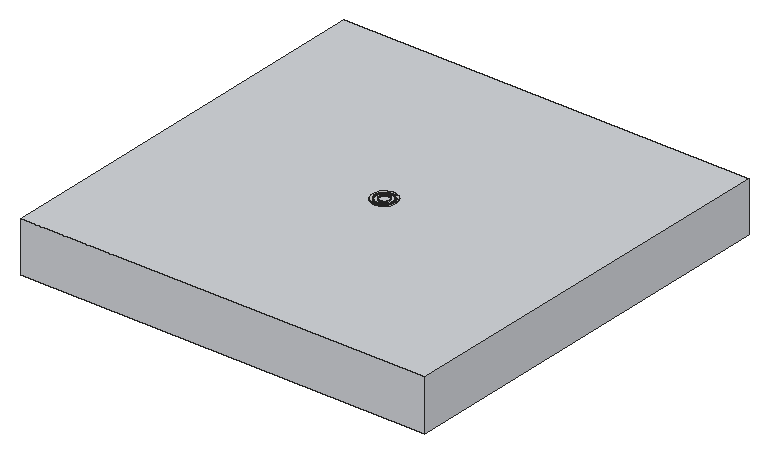
Revit family "LAMP_HANCE DOWNLIGHT RECESSED MEDIUM FLOOD 1000_2000", category Modelos genéricos, Revit 2015
Parameters (values of type "740LM 4000K 1000 BLACK")
  Weight = 0.72 kg
  Type = "COB PHILIPS"
  Tilting [instance] = if(Tilt < 0.00°, 180.00°, if(Tilt > 30.00°, 210.00°, Tilt + 180.00°))  # 180.00°
  Tilt [instance] = 0.00°
  Recessed diameter = 132 mm
  Protection rating = "IP20"
  Product datasheet = "http://www.lamp.es/product-files/TECH/HD1RE10MF840NBB-EN.pdf"
  Product code = "HD1RE10MF840NBB"
  Product URL = "https://www.lamp.es/en/family/hance-downlight_196363"
  Power Supply = "220-240V 50/60Hz"
  Power = 7 W
  Plum = 7.6 W
  Photometric web file = Cuerpo Hance BASE (tilting)_MF : 740LM 4000K 1000 BLACK
  Modelo = Product code  # "HD1RE10MF840NBB"
  Model explanation = "Availability of tilting between 0º and 30º when placed in a project."
  Material interior aro = LAMP_Aluminio Hance Negro
  Material aro = LAMP_Aluminio Hance Negro
  Manufacturer name = "LAMP"
  Manufacturer country = "Spain"
  Manufacturer URL = "http://www.lamp.es/en"
  MacAdam = "3"
  Luminaire type = "Indoor - Recessed downlight"
  Last update = "18/10/2019"
  Lamp = "COB LED"
  LED Lifetime = "50.000 L90 B10"
  Insulation class = "II"
  Installation instructions = "https://www.lamp.es/product-files/INS/1004410-B-INSTR.%20DE%20MONTAJE%20HANCE%20DOWNLIGHT.pdf"
  Initial intensity = 740 lm
  Initial color = 4000 K
  IEE = "A+"
  Gear = "Electronic"
  Finish = "Texturised black RAL 9011"
  Fabricante = Manufacturer name  # "LAMP"
  Default Elevation = 1219.2 mm
  Efficacy = 97.37 lm/W
  Diameter = 143 mm
  Descripción = "HANCE DOWN REC 1000 NW MFL BK."
  Decorative ring [instance] = Aro decorativo (tilting) : Black
  Comentarios de tipo = Model explanation  # "Availability of tilting between 0º and 30º when placed in a project."
  CRI = "80"
Types (8, lengths in mm): name | Product datasheet | Product code | Power | Plum | Photometric web file | Modelo | Material aro | LED Lifetime | Initial intensity | Initial color | Finish | Efficacy | Descripción
  740LM 4000K 1000 BLACK | "http://www.lamp.es/product-files/TECH/HD1RE10MF840NBB-EN.pdf" | "HD1RE10MF840NBB" | 7 W | 7.6 W | Cuerpo Hance BASE (tilting)_MF : 740LM 4000K 1000 BLACK | "HD1RE10MF840NBB" | LAMP_Aluminio Hance Negro | "50.000 L90 B10" | 740 lm | 4000 K | "Texturised black RAL 9011" | 97.37 lm/W | "HANCE DOWN REC 1000 NW MFL BK."
  740LM 4000K 1000 WHITE | "http://www.lamp.es/product-files/TECH/HD1RE10MF840NBW-EN.pdf" | "HD1RE10MF840NBW" | 7 W | 7.6 W | Cuerpo Hance BASE (tilting)_MF : 740LM 4000K 1000 WHITE | "HD1RE10MF840NBW" | LAMP_Aluminio Hance Blanco | "50.000 L90 B10" | 740 lm | 4000 K | "Texturised white RAL 9010" | 97.37 lm/W | "HANCE DOWN REC 1000 NW MFL WH."
  806LM 3000K 1000 BLACK | "http://www.lamp.es/product-files/TECH/HD1RE10MF830NBB-EN.pdf" | "HD1RE10MF830NBB" | 7 W | 7.7 W | Cuerpo Hance BASE (tilting)_MF : 806LM 3000K 1000 BLACK | "HD1RE10MF830NBB" | LAMP_Aluminio Hance Negro | "50.000 L90 B10" | 806 lm | 3000 K | "Texturised black RAL 9011" | 104.71 lm/W | "HANCE DOWN REC 1000 WW MFL BK."
  806LM 3000K 1000 WHITE | "http://www.lamp.es/product-files/TECH/HD1RE10MF830NBW-EN.pdf" | "HD1RE10MF830NBW" | 7 W | 7.7 W | Cuerpo Hance BASE (tilting)_MF : 806LM 3000K 1000 WHITE | "HD1RE10MF830NBW" | LAMP_Aluminio Hance Blanco | "50.000 L90 B10" | 806 lm | 3000 K | "Texturised white RAL 9010" | 104.71 lm/W | "HANCE DOWN REC 1000 WW MFL WH."
  1606LM 4000K 2000 BLACK | "http://www.lamp.es/product-files/TECH/HD1RE20MF840NBB-EN.pdf" | "HD1RE20MF840NBB" | 18 W | 20.6 W | Cuerpo Hance BASE (tilting)_MF : 1606LM 4000K 2000 BLACK | "HD1RE20MF840NBB" | LAMP_Aluminio Hance Negro | "50.000 L80 B10" | 1606 lm | 4000 K | "Texturised black RAL 9011" | 77.96 lm/W | "HANCE DOWN REC 2000 NW MFL BK."
  1606LM 4000K 2000 WHITE | "http://www.lamp.es/product-files/TECH/HD1RE20MF840NBW-EN.pdf" | "HD1RE20MF840NBW" | 18 W | 20.6 W | Cuerpo Hance BASE (tilting)_MF : 1606LM 4000K 2000 WHITE | "HD1RE20MF840NBW" | LAMP_Aluminio Hance Blanco | "50.000 L80 B10" | 1606 lm | 4000 K | "Texturised white RAL 9010" | 77.96 lm/W | "HANCE DOWN REC 2000 NW MFL WH."
  1760LM 3000K 2000 BLACK | "http://www.lamp.es/product-files/TECH/HD1RE20MF830NBB-EN.pdf" | "HD1RE20MF830NBB" | 18 W | 20.7 W | Cuerpo Hance BASE (tilting)_MF : 1760LM 3000K 2000 BLACK | "HD1RE20MF830NBB" | LAMP_Aluminio Hance Negro | "50.000 L80 B10" | 1760 lm | 3000 K | "Texturised black RAL 9011" | 85.01 lm/W | "HANCE DOWN REC 2000 WW MFL BK."
  1760LM 3000K 2000 WHITE | "http://www.lamp.es/product-files/TECH/HD1RE20MF830NBW-EN.pdf" | "HD1RE20MF830NBW" | 18 W | 20.7 W | Cuerpo Hance BASE (tilting)_MF : 1760LM 3000K 2000 WHITE | "HD1RE20MF830NBW" | LAMP_Aluminio Hance Blanco | "50.000 L80 B10" | 1760 lm | 3000 K | "Texturised white RAL 9010" | 85.01 lm/W | "HANCE DOWN REC 2000 WW MFL WH."
Reference planes
  plane 1 "Centro (Frontal/Posterior)": y = 0
  plane 2: z = 0
  plane 3 "Centro (Izquierda/Derecha)": x = 0
Forms (mm)
  Extrusion 1, solid
    sketch origin (0, 0, 0) x (1, 0, 0) y (0, 1, 0)
      loop
        line (-1219.2, 1219.2) -> (-1219.2, -1219.2) -> (1219.2, -1219.2) -> (1219.2, 1219.2) -> (-1219.2, 1219.2)
    from 0 to -304.8
  Revolve 2, solid, material "LAMP_Aluminio Hance Negro" <- "Material aro"
    sketch origin (0, 0, 0) x (1, 0, 0) y (0, 0, 1)
      loop
        line (71.4, 0) -> (71.4, 1) -> (56.5, 1) -> (56.5, -70) -> (64.5, -70) -> (64.5, -69) -> (59, -69) -> (59, 0) -> (71.4, 0)
      axis (0, 1) -> (0, -70)
    angle from 0 to 360
  Revolve 3, solid, material "LAMP_Aluminio Hance Negro" <- "Material interior aro"
    sketch origin (0, 0, 0) x (1, 0, 0) y (0, 0, 1)
      loop
        arc (51.874, -0.646) -> (51.598, -1.016) -> (51.498, -1.466) r 1.1
        arc (51.498, -1.466) -> (49.354, -17.889) -> (43.277, -33.297) r 67.535
        arc (43.277, -33.297) -> (42.922, -33.665) -> (42.43, -33.8) r 0.965
        line (42.43, -33.8) -> (0, -33.8) -> (0, -34.8) -> (42.43, -34.8)
        arc (42.43, -34.8) -> (42.922, -34.665) -> (43.277, -34.297) r 0.965
        arc (43.277, -34.297) -> (49.354, -18.889) -> (51.498, -2.466) r 67.535
        arc (51.498, -2.466) -> (51.598, -2.016) -> (51.874, -1.646) r 1.1
        arc (51.874, -1.646) -> (53.912, -0.425) -> (56.25, 0) r 6.641
        line (56.25, 0) -> (56.25, 1)
        arc (56.25, 1) -> (53.912, 0.575) -> (51.874, -0.646) r 6.641
      axis (0, 1) -> (0, -34.8)
    angle from 0 to 360
  Extrusion 4, void
    sketch origin (0, 0, 0) x (1, 0, 0) y (0, 1, 0)
      loop
        line (7.1, 33.5) -> (-7.105, 33.5)
        arc (-7.105, 33.5) -> (-40.605, 0) -> (-7.105, -33.5) r 33.5
        line (-7.105, -33.5) -> (7.1, -33.5)
        arc (7.1, -33.5) -> (40.6, 0) -> (7.1, 33.5) r 33.5
    from -41.216 to -28.478
Cuts and joins
  Extrusion 4 cuts Revolve 3
Text (mm)
  text "Any modification of the parameters and properties of the LAMP BIM models must be executed and validated by the LAMP technical department.\n\nPhone: +34 93 736 68 00\n\nE-mail: lamp@lamp.es\n\n\n\nLAMP reserves the right to modify the technical specifications of its products." at (39771.841, -40794.867, 40621.237), in view "Preview"
Dimensions and locks
  aligned and locked: plane 2 to Extrusion 1
  aligned and locked: level to Extrusion 1
Nested families
  nested 1: "Cuerpo Hance BASE (tilting)_MF" at (0, 1.967, -41.662), type <- "Photometric web file", type "740LM 4000K 1000 BLACK"
    with Tilting 180.00°
  nested 2: "Aro decorativo (tilting)" at (-27.9, 0, -89.982), type <- "Decorative ring", type "Black"
    with Tilting 0.00°
Connectors
  electrical at (-16.363, 0, -133)
    settings: on nested 1, index 1, voltage 230 V, apparent load 0 VA, apparent load phase1 0 VA, apparent load phase2 0 VA, apparent load phase3 0 VA, power factor 1, load classification "Otro", number of poles 1, system type 31, power factor state 1, is connector primary yes, connector utility no, sub classification motor no, connector description ""
Definition of nested family "Cuerpo Hance BASE (tilting)_MF"
  Parameters (values of type "740LM 4000K 1000 BLACK")
    Tilting = 90.00°
    Photometric web file = Cuerpo Hance BASE_MF : 740LM 4000K 1000 BLACK
    Longitud cuerpo = 135 mm
    Default Elevation = 1219.2 mm
  Types (17, lengths in mm): name | Photometric web file
    (no name) | Cuerpo Hance BASE_MF : 740LM 4000K 1000 BLACK
    740LM 4000K 1000 BLACK | Cuerpo Hance BASE_MF : 740LM 4000K 1000 BLACK
    740LM 4000K 1000 WHITE | Cuerpo Hance BASE_MF : 740LM 4000K 1000 WHITE
    806LM 3000K 1000 BLACK | Cuerpo Hance BASE_MF : 806LM 3000K 1000 BLACK
    806LM 3000K 1000 WHITE | Cuerpo Hance BASE_MF : 806LM 3000K 1000 WHITE
    1606LM 4000K 2000 BLACK | Cuerpo Hance BASE_MF : 1606LM 4000K 2000 BLACK
    1606LM 4000K 2000 WHITE | Cuerpo Hance BASE_MF : 1606LM 4000K 2000 WHITE
    1760LM 3000K 2000 BLACK | Cuerpo Hance BASE_MF : 1760LM 3000K 2000 BLACK
    1760LM 3000K 2000 WHITE | Cuerpo Hance BASE_MF : 1760LM 3000K 2000 WHITE
    2744LM 4000K 3000 BLACK | Cuerpo Hance BASE_MF : 2744LM 4000K 3000 BLACK
    2744LM 4000K 3000 WHITE | Cuerpo Hance BASE_MF : 2744LM 4000K 3000 WHITE
    2816LM 3000K 3000 BLACK | Cuerpo Hance BASE_MF : 2816LM 3000K 3000 BLACK
    2816LM 3000K 3000 WHITE | Cuerpo Hance BASE_MF : 2816LM 3000K 3000 WHITE
    3724LM 3000K 4000 BLACK | Cuerpo Hance BASE_MF : 3724LM 3000K 4000 BLACK
    3724LM 3000K 4000 WHITE | Cuerpo Hance BASE_MF : 3724LM 3000K 4000 WHITE
    3875LM 4000K 4000 BLACK | Cuerpo Hance BASE_MF : 3875LM 4000K 4000 BLACK
    3875LM 4000K 4000 WHITE | Cuerpo Hance BASE_MF : 3875LM 4000K 4000 WHITE
  Reference planes
    plane 1 "Centro (Frontal/Posterior)": y = 0
    plane 2: z = 0
    plane 3 "Centro (Izquierda/Derecha)": x = 0
  Lines and regions (mm)
    reference lines
      curve 1: line (0, 0, 0) -> (200, 0, 0)
  Dimensions and locks
    "Tilting": angle plane 3 "Centro (Izquierda/Derecha)" to curve 1
    aligned and locked: level to plane 2
    aligned and locked: plane 3 "Centro (Izquierda/Derecha)" to curve 1
    aligned and locked: plane 2 to curve 1
  Nested families
    nested 1: "Cuerpo Hance BASE_MF" at (-50.338, -1.967, 27.875), type <- "Photometric web file", type "740LM 4000K 1000 BLACK"
  Definition of nested family "Cuerpo Hance BASE_MF"
    Parameters (values of type "740LM 4000K 1000 BLACK")
      Tilt Angle = 90.00° + Tilting  # 180.00°
      Wattage = 7.6 W
      Tilting = 90.00°
      built-in parameter 1150107 = 4000 (stored number, unit not read)
      Radio vacio posterior = Radio cuerpo - 2.2 mm  # 30.3 mm
      Radio vaciado = Radio cuerpo - 1.5 mm  # 31 mm
      Radio cuerpo = if(Longitud cuerpo = 210 mm, 45 mm, 32.5 mm)  # 32.5 mm
      built-in parameter 1150110 = 1 (stored number, unit not read)
      built-in parameter 1150109 = 1 (stored number, unit not read)
      built-in parameter 1150112 = 1 (stored number, unit not read)
      built-in parameter 1150113 = 1 (stored number, unit not read)
      built-in parameter 1114218 = 1 (stored number, unit not read)
      built-in parameter 1150137 = (empty or 0)
      built-in parameter 1150132 = 2
      Material reflector = none
      Material cuerpo = none
      Material COB = none
      Longitud cuerpo = 135 mm
      Long. origen luz = if(Longitud cuerpo = 135 mm, 20 mm, if(Longitud cuerpo = 170 mm, 55 mm, 90 mm))  # 20 mm
      L_3 = if(Ancho disipador posterior = 80.4 mm, 39.6 mm, 12 mm)  # 12 mm
      L_2 = if(Ancho disipador posterior = 80.4 mm, 36.3 mm, 22.6 mm)  # 22.6 mm
      L_1 = if(Ancho disipador posterior = 80.4 mm, 36.8 mm, 25.4 mm)  # 25.4 mm
      built-in parameter 1150105 = 2444 (stored number, unit not read)
      built-in parameter 1150102 = (empty or 0)
      built-in parameter 1150106 = 24.44 (stored number, unit not read)
      Lumens = 740.012 lm
      Color Filter = 16777215
      built-in parameter 1114217 = 1 (stored number, unit not read)
      built-in parameter 1150139 = (empty or 0)
      Default Elevation = 1219.2 mm
      built-in parameter 1150104 = 9.046 (stored number, unit not read)
      Diametro aro = if(Radio cuerpo = 45 mm, 42.9 mm, 30.4 mm)  # 30.4 mm
      built-in parameter 1150115 = 1 (stored number, unit not read)
      built-in parameter 1150114 = 1 (stored number, unit not read)
      built-in parameter 1150138 = (empty or 0)
      built-in parameter 1150134 = 12
      Dimming Lamp Color Temperature Shift = (empty or 0)
      Photometric Web File = "HD1RE10MF840NBB.IES"
      Ancho vaciado reflector = if(Radio cuerpo = 45 mm, 34.4 mm, 21.9 mm)  # 21.9 mm
      Ancho reflector = if(Radio cuerpo = 45 mm, 35.4 mm, 22.9 mm)  # 22.9 mm
      Ancho disipador posterior = if(Radio cuerpo = 32.5 mm, 53 mm, 80.4 mm)  # 53 mm
      built-in parameter 1150133 = 10 (stored number, unit not read)
      Altura disipador superior = if(Radio cuerpo = 45 mm, 23.9 mm, 36.9 mm)  # 36.9 mm
      Ancho disipador superior = if(Radio cuerpo = 45 mm, 28 mm, 22.6 mm)  # 22.6 mm
    Types (16, lengths in mm): name | Wattage | built-in parameter 1150107 | built-in parameter 1150105 | built-in parameter 1150106 | Lumens | built-in parameter 1150104 | built-in parameter 1150134 | Photometric Web File
      740LM 4000K 1000 BLACK | 7.6 W | 4000 (stored number, unit not read) | 2444 (stored number, unit not read) | 24.44 (stored number, unit not read) | 740.012 lm | 9.046 (stored number, unit not read) | 12 | "HD1RE10MF840NBB.IES"
      740LM 4000K 1000 WHITE | 7.6 W | 4000 (stored number, unit not read) | 2444 (stored number, unit not read) | 24.44 (stored number, unit not read) | 740.012 lm | 9.046 (stored number, unit not read) | 12 | "HD1RE10MF840NBW.IES"
      806LM 3000K 1000 BLACK | 7.7 W | 3000 (stored number, unit not read) | 2662.5 (stored number, unit not read) | 26.625 (stored number, unit not read) | 806.19 lm | 9.7269 (stored number, unit not read) | (empty or 0) | "HD1RE10MF830NBB.IES"
      806LM 3000K 1000 WHITE | 7.7 W | 3000 (stored number, unit not read) | 2662.5 (stored number, unit not read) | 26.625 (stored number, unit not read) | 806.19 lm | 9.7269 (stored number, unit not read) | (empty or 0) | "HD1RE10MF830NBW.IES"
      1606LM 4000K 2000 BLACK | 20.6 W | 4000 (stored number, unit not read) | 5303.9 (stored number, unit not read) | 53.039 (stored number, unit not read) | 1605.98 lm | 7.2427 (stored number, unit not read) | 12 | "HD1RE20MF840NBB.IES"
      1606LM 4000K 2000 WHITE | 20.6 W | 4000 (stored number, unit not read) | 5303.9 (stored number, unit not read) | 53.039 (stored number, unit not read) | 1605.98 lm | 7.2427 (stored number, unit not read) | 12 | "HD1RE20MF840NBW.IES"
      1760LM 3000K 2000 BLACK | 20.7 W | 3000 (stored number, unit not read) | 5818.7 (stored number, unit not read) | 58.187 (stored number, unit not read) | 1759.71 lm | 7.8977 (stored number, unit not read) | (empty or 0) | "HD1RE20MF830NBB.IES"
      1760LM 3000K 2000 WHITE | 20.7 W | 3000 (stored number, unit not read) | 5818.7 (stored number, unit not read) | 58.187 (stored number, unit not read) | 1759.71 lm | 7.8977 (stored number, unit not read) | (empty or 0) | "HD1RE20MF830NBW.IES"
      2744LM 4000K 3000 BLACK | 27.8 W | 4000 (stored number, unit not read) | 9073.9 (stored number, unit not read) | 90.739 (stored number, unit not read) | 2744.14 lm | 9.1705 (stored number, unit not read) | 12 | "HD1RE30MF840NBB.IES"
      2744LM 4000K 3000 WHITE | 27.8 W | 4000 (stored number, unit not read) | 9073.9 (stored number, unit not read) | 90.739 (stored number, unit not read) | 2744.14 lm | 9.1705 (stored number, unit not read) | 12 | "HD1RE30MF840NBW.IES"
      2816LM 3000K 3000 BLACK | 28.2 W | 3000 (stored number, unit not read) | 12461.1 (stored number, unit not read) | 124.61 (stored number, unit not read) | 2815.77 lm | 9.2764 (stored number, unit not read) | (empty or 0) | "HD1RE30MF830NBB.IES"
      2816LM 3000K 3000 WHITE | 28.2 W | 3000 (stored number, unit not read) | 12461.1 (stored number, unit not read) | 124.61 (stored number, unit not read) | 2815.77 lm | 9.2764 (stored number, unit not read) | (empty or 0) | "HD1RE30MF830NBW.IES"
      3724LM 3000K 4000 BLACK | 37.6 W | 3000 (stored number, unit not read) | 16481.7 (stored number, unit not read) | 164.82 (stored number, unit not read) | 3724.28 lm | 9.202 (stored number, unit not read) | (empty or 0) | "HD1RE40MF830NBB.IES"
      3724LM 3000K 4000 WHITE | 37.6 W | 3000 (stored number, unit not read) | 16481.7 (stored number, unit not read) | 164.82 (stored number, unit not read) | 3724.28 lm | 9.202 (stored number, unit not read) | (empty or 0) | "HD1RE40MF830NBW.IES"
      3875LM 4000K 4000 BLACK | 37.6 W | 4000 (stored number, unit not read) | 15793 (stored number, unit not read) | 157.93 (stored number, unit not read) | 3875.06 lm | 9.5746 (stored number, unit not read) | 12 | "HD1RE40MF840NBB.IES"
      3875LM 4000K 4000 WHITE | 37.6 W | 4000 (stored number, unit not read) | 15793 (stored number, unit not read) | 157.93 (stored number, unit not read) | 3875.06 lm | 9.5746 (stored number, unit not read) | 12 | "HD1RE40MF840NBW.IES"
    Reference planes
      plane 1 "Centro (Frontal/Posterior)": y = 0
      plane 2: z = 0
      plane 3 "Centro (Izquierda/Derecha)": x = 0
    Forms (mm)
      Extrusion 1, solid, material <- "Material cuerpo"
        sketch origin (0, 0, 0) x (0, -1, 0) y (0, 0, 1)
          loop
            circle (0, -27.875) r 32.5
        from -93 to 42
      Extrusion 2, void
        sketch origin (0, 0, 0) x (0, 1, 0) y (0, 0, 1)
          loop
            line (11.3, 30) -> (-11.3, 30) -> (-11.3, -6.9)
            arc (-11.3, -6.9) -> (0, -7.855) -> (11.3, -6.9) r 67.349
            line (11.3, -6.9) -> (11.3, 30)
        from -42 to 9.4
      Extrusion 3, void
        sketch origin (0, 0, 0) x (0, 1, 0) y (0, 0, 1)
          loop
            circle (0, -27.875) r 30.3
        from -42 to -41
      Extrusion 4, void
        sketch origin (0, 0, 0) x (0, 1, 0) y (0, 0, 1)
          loop
            line (26.5, -26.291) -> (-26.5, -26.291)
            arc (-26.5, -26.291) -> (-27.7, -27.491) -> (-26.5, -28.691) r 1.2
            line (-26.5, -28.691) -> (26.5, -28.691)
            arc (26.5, -28.691) -> (27.7, -27.491) -> (26.5, -26.291) r 1.2
          loop
            line (26.115, -30.891) -> (-26.115, -30.891)
            arc (-26.115, -30.891) -> (-27.315, -32.091) -> (-26.115, -33.291) r 1.2
            line (-26.115, -33.291) -> (26.115, -33.291)
            arc (26.115, -33.291) -> (27.315, -32.091) -> (26.115, -30.891) r 1.2
          loop
            line (25.4, -35.55) -> (-24.915, -35.55)
            arc (-24.915, -35.55) -> (-26.115, -36.75) -> (-24.915, -37.95) r 1.2
            line (-24.915, -37.95) -> (25.4, -37.95)
            arc (25.4, -37.95) -> (26.6, -36.75) -> (25.4, -35.55) r 1.2
          loop
            line (22.6, -40.091) -> (-22.64, -40.091)
            arc (-22.64, -40.091) -> (-23.84, -41.291) -> (-22.64, -42.491) r 1.2
            line (-22.64, -42.491) -> (22.6, -42.491)
            arc (22.6, -42.491) -> (23.8, -41.291) -> (22.6, -40.091) r 1.2
          loop
            line (19.043, -44.691) -> (-19.086, -44.691)
            arc (-19.086, -44.691) -> (-20.286, -45.891) -> (-19.086, -47.091) r 1.2
            line (-19.086, -47.091) -> (19.043, -47.091)
            arc (19.043, -47.091) -> (20.243, -45.891) -> (19.043, -44.691) r 1.2
          loop
            line (15.357, -49.291) -> (-15.5, -49.291)
            arc (-15.5, -49.291) -> (-16.6, -50.391) -> (-15.5, -51.491) r 1.1
            line (-15.5, -51.491) -> (15.357, -51.491)
            arc (15.357, -51.491) -> (16.457, -50.391) -> (15.357, -49.291) r 1.1
          loop
            line (6, -53.691) -> (-6, -53.691)
            arc (-6, -53.691) -> (-7.1, -54.791) -> (-6, -55.891) r 1.1
            line (-6, -55.891) -> (6, -55.891)
            arc (6, -55.891) -> (7.1, -54.791) -> (6, -53.691) r 1.1
        from -42 to -38.7
      Extrusion 5, void
        sketch origin (0, 0, 0) x (-1, 0, 0) y (0, -1, 0)
          loop
            line (37.7, -9.12) -> (37.7, 9.12)
            arc (37.7, 9.12) -> (36.6, 10.22) -> (35.5, 9.12) r 1.1
            line (35.5, 9.12) -> (35.5, -9.12)
            arc (35.5, -9.12) -> (36.6, -10.22) -> (37.7, -9.12) r 1.1
          loop
            line (28.9, -9.12) -> (28.9, 9.12)
            arc (28.9, 9.12) -> (27.8, 10.22) -> (26.7, 9.12) r 1.1
            line (26.7, 9.12) -> (26.7, -9.12)
            arc (26.7, -9.12) -> (27.8, -10.22) -> (28.9, -9.12) r 1.1
          loop
            line (20.1, -9.12) -> (20.1, 9.12)
            arc (20.1, 9.12) -> (19, 10.22) -> (17.9, 9.12) r 1.1
            line (17.9, 9.12) -> (17.9, -9.12)
            arc (17.9, -9.12) -> (19, -10.22) -> (20.1, -9.12) r 1.1
        from -51.491 to 30
      Extrusion 6, void
        sketch origin (0, 0, 0) x (-1, 0, 0) y (0, -1, 0)
          loop
            line (33.3, -9.12) -> (33.3, 9.12)
            arc (33.3, 9.12) -> (32.2, 10.22) -> (31.1, 9.12) r 1.1
            line (31.1, 9.12) -> (31.1, -9.12)
            arc (31.1, -9.12) -> (32.2, -10.22) -> (33.3, -9.12) r 1.1
          loop
            line (24.5, -9.12) -> (24.5, 9.12)
            arc (24.5, 9.12) -> (23.4, 10.22) -> (22.3, 9.12) r 1.1
            line (22.3, 9.12) -> (22.3, -9.12)
            arc (22.3, -9.12) -> (23.4, -10.22) -> (24.5, -9.12) r 1.1
        from -8.232 to 30
      Extrusion 7, void
        sketch origin (0, 0, 0) x (0, 1, 0) y (0, 0, 1)
          loop
            circle (0, -27.875) r 31
        from 17.213 to 93
      Revolve 8, solid, material <- "Material reflector"
        sketch origin (0, 0, 0) x (1, 0, 0) y (0, 0, 1)
          loop
            line (60.5, -27.875) -> (80.818, -27.875) -> (80.818, -4.975) -> (60.5, -19.875) -> (60.5, -27.875)
          axis (60.5, -27.875) -> (80.818, -27.875)
        angle from 0 to 360
      Revolve 9, void
        sketch origin (0, 0, 0) x (1, 0, 0) y (0, 0, 1)
          loop
            line (80.818, -5.975) -> (61.5, -20.142) -> (60.5, -20.142) -> (60.5, -27.875) -> (61.5, -27.875) -> (80.818, -27.875) -> (80.818, -5.975)
          axis (80.818, -27.875) -> (60.5, -27.875)
        angle from 0 to 360
      Extrusion 10, solid, material <- "Material COB"
        sketch origin (0, 0, 0) x (0, -1, 0) y (0, 0, 1)
          loop
            circle (0, -27.875) r 7.733
        from -61.5 to -60.5
    Cuts and joins
      Extrusion 2, Extrusion 3, Extrusion 4, Extrusion 5, Extrusion 6, Extrusion 7 cuts Extrusion 1
      Revolve 9 cuts Revolve 8
    Lines and regions (mm)
      reference lines
        curve 1: line (0, 0, 0) -> (178.042, 0, 0)
        curve 2: line (93, 0, -27.875) -> (113, 0, -27.875)
        curve 3: line (0, 0, 0) -> (0, 0, -75)
        curve 4: line (93, 0, -22.875) -> (93, 0, -32.875)
    Text (mm)
      text "Any modification of the parameters and properties of the LAMP BIM models must be executed and validated by the LAMP technical department.\n\nPhone: +34 93 736 68 00\n\nE-mail: lamp@lamp.es\n\n\n\nLAMP reserves the right to modify the technical specifications of its products." at (97482.136, -81600.41, 57308.082), in view "Preview"
    Dimensions and locks
      locked: Revolve 9 sketch curve to cut or joined group of Extrusion 1, Extrusion 2, Extrusion 3, Extrusion 4, Extrusion 5, Extrusion 6, Extrusion 7 at 12.182
      "Longitud cuerpo": cut or joined group of Extrusion 1, Extrusion 2, Extrusion 3, Extrusion 4, Extrusion 5, Extrusion 6, Extrusion 7 to cut or joined group of Extrusion 1, Extrusion 2, Extrusion 3, Extrusion 4, Extrusion 5, Extrusion 6, Extrusion 7
      locked: cut or joined group of Extrusion 1, Extrusion 2, Extrusion 3, Extrusion 4, Extrusion 5, Extrusion 6, Extrusion 7 to curve 3 at 42
      locked: cut or joined group of Revolve 8, Revolve 9 to cut or joined group of Extrusion 1, Extrusion 2, Extrusion 3, Extrusion 4, Extrusion 5, Extrusion 6, Extrusion 7 at 12.182
      locked: cut or joined group of Revolve 8, Revolve 9 to cut or joined group of Revolve 8, Revolve 9 at 20.318
      locked: cut or joined group of Extrusion 1, Extrusion 2, Extrusion 3, Extrusion 4, Extrusion 5, Extrusion 6, Extrusion 7 to Extrusion 10 at 31.5
      locked: Extrusion 10 to Extrusion 10 at 1
      "Long. origen luz": curve 4 to curve 2
      equal spacing: Extrusion 4 sketch curve, plane 1 "Centro (Frontal/Posterior)", Extrusion 4 sketch curve  (x2)
      "Ancho disipador posterior": Extrusion 4 sketch curve to Extrusion 4 sketch curve
      "L_1": Extrusion 4 sketch curve to plane 1 "Centro (Frontal/Posterior)"
      "L_2": Extrusion 4 sketch curve to curve 3
      "L_3": Extrusion 4 sketch curve to Extrusion 4 sketch curve
      equal spacing: Extrusion 2 sketch curve, plane 1 "Centro (Frontal/Posterior)", Extrusion 2 sketch curve
      "Ancho disipador superior": Extrusion 2 sketch curve to Extrusion 2 sketch curve
      "Altura disipador superior": Extrusion 2 sketch curve to Extrusion 2 sketch curve
      locked: plane 2 to Extrusion 2 sketch curve at 30
      "Ancho reflector": Revolve 8 sketch curve to imposter light
      "Ancho vaciado reflector": Revolve 9 sketch curve to imposter light
      "Radio cuerpo": radius of Extrusion 1 sketch curve
      "Radio vaciado": radius of Extrusion 7 sketch curve
      "Radio vacio posterior": radius of Extrusion 3 sketch curve
      "Tilting": angle plane 3 "Centro (Izquierda/Derecha)" to curve 1
      aligned and locked: level to plane 2
      aligned and locked: imposter light to curve 2  (x2)
      aligned and locked: cut or joined group of Extrusion 1, Extrusion 2, Extrusion 3, Extrusion 4, Extrusion 5, Extrusion 6, Extrusion 7 to cut or joined group of Extrusion 1, Extrusion 2, Extrusion 3, Extrusion 4, Extrusion 5, Extrusion 6, Extrusion 7
    Automatic sketch dimensions
      curve 1 to Extrusion 5 sketch curve = 17.9 mm
      Extrusion 5 sketch curve to Extrusion 5 sketch curve = 1.1 mm  (x3)
      Extrusion 5 sketch curve to Extrusion 5 sketch curve = 6.6 mm  (x2)
      Extrusion 5 sketch curve to curve 1 = 9.12 mm  (x2)
      Extrusion 5 sketch curve to Extrusion 5 sketch curve = 0 mm  (x3)
      curve 1 to Extrusion 5 sketch curve = 9.12 mm
      curve 1 to Extrusion 6 sketch curve = 22.3 mm
      Extrusion 6 sketch curve to Extrusion 6 sketch curve = 1.1 mm  (x2)
      Extrusion 6 sketch curve to Extrusion 6 sketch curve = 6.6 mm
      Extrusion 6 sketch curve to curve 1 = 9.12 mm
      Extrusion 6 sketch curve to Extrusion 6 sketch curve = 0 mm  (x2)
      curve 1 to Extrusion 6 sketch curve = 9.12 mm
      Extrusion 10 sketch curve to plane 1 "Centro (Frontal/Posterior)" = 0 mm
      Extrusion 1 sketch curve to plane 1 "Centro (Frontal/Posterior)" = 0 mm
      Extrusion 1 sketch curve to level = 27.875 mm
      Extrusion 2 sketch curve to plane 1 "Centro (Frontal/Posterior)" = 0 mm
      Extrusion 2 sketch curve to Extrusion 2 sketch curve = 29.494 mm
      Extrusion 3 sketch curve to plane 1 "Centro (Frontal/Posterior)" = 0 mm
      Extrusion 3 sketch curve to level = 27.875 mm
      Extrusion 4 sketch curve to Extrusion 4 sketch curve = 0.385 mm  (x2)
      Extrusion 4 sketch curve to Extrusion 4 sketch curve = 1.2 mm  (x6)
      Extrusion 4 sketch curve to Extrusion 4 sketch curve = 2.276 mm
      Extrusion 4 sketch curve to Extrusion 4 sketch curve = 3.554 mm
      Extrusion 4 sketch curve to Extrusion 4 sketch curve = 3.586 mm
      Extrusion 4 sketch curve to Extrusion 4 sketch curve = 9.357 mm
      Extrusion 4 sketch curve to Extrusion 4 sketch curve = 3.557 mm
      Extrusion 4 sketch curve to level = 55.891 mm
      Extrusion 4 sketch curve to Extrusion 4 sketch curve = 1.1 mm  (x2)
      Extrusion 4 sketch curve to Extrusion 4 sketch curve = 2.2 mm  (x4)
      Extrusion 4 sketch curve to Extrusion 4 sketch curve = 2.141 mm
      Extrusion 4 sketch curve to Extrusion 4 sketch curve = 2.259 mm
      Extrusion 7 sketch curve to plane 1 "Centro (Frontal/Posterior)" = 0 mm
      Extrusion 7 sketch curve to level = 27.875 mm
      curve 1 to Revolve 8 sketch curve = 19.875 mm
      curve 1 to Revolve 8 sketch curve = 60.5 mm
      Revolve 8 sketch curve to Revolve 8 sketch curve = 20.318 mm
      Revolve 8 sketch curve to Revolve 8 sketch curve = 8 mm
      Revolve 8 sketch curve to Revolve 8 sketch curve = 0 mm  (x2)
      Revolve 8 sketch curve to Revolve 8 sketch curve = 9.682 mm
      Revolve 9 sketch curve to Revolve 9 sketch curve = 19.318 mm
      Revolve 9 sketch curve to Revolve 9 sketch curve = 0 mm  (x3)
      Revolve 9 sketch curve to Revolve 9 sketch curve = 1 mm
      curve 1 to Revolve 9 sketch curve = 20.142 mm
      Revolve 9 sketch curve to Revolve 9 sketch curve = 7.733 mm
      Revolve 9 sketch curve to Revolve 9 sketch curve = 9.682 mm
      curve 1 to level = 0 mm
      curve 1 to plane 3 "Centro (Izquierda/Derecha)" = 0 mm
      curve 3 to curve 1 = 0 mm  (x2)
      curve 3 to curve 1 = 75 mm
      curve 1 to curve 4 = 32.875 mm
      curve 4 to curve 1 = 85.042 mm
      curve 4 to curve 2 = 5 mm
      curve 2 to curve 4 = 5 mm
      radius of Extrusion 10 sketch curve = 7.733 mm
Definition of nested family "Aro decorativo (tilting)"
  Parameters (values of type "Copper")
    Weight (3000/4000) = 0.016 kg
    Weight (1000/2000) = 0.01 kg
    Tilting = 90.00°
    Product datasheet = ""
    Product code (3000/4000) = "HSRI90C"
    Product code (1000/2000) = "HSRI65C"
    Product URL = ""
    Model = ""
    Material aro = none
    Manufacturer name = "LAMP"
    Manufacturer country = "Spain"
    Manufacturer URL = "http://www.lamp.es/en"
    Longitud = 63.6 mm
    Last update = "21/05/2018"
    Installation instructions = ""
    Finish = "Metalized matt copper"
    Manufacturer = Manufacturer name  # "LAMP"
    Default Elevation = 1219.2 mm
    Diameter (3000/4000) = 90 mm
    Diameter (1000/2000) = 65 mm
    Description = ""
    Accessory Type = "Optic"
    3000/4000 Model = "HSRI90C"
    3000/4000 Description = "HANCE 3000/4000 ACC. RING DECO CO."
    1000/2000 Model = "HSRI65C"
    1000/2000 Description = "HANCE 1000/2000 ACC. RING DECO CO."
  Types (5, lengths in mm): name | Product code (3000/4000) | Product code (1000/2000) | Finish | 3000/4000 Model | 3000/4000 Description | 1000/2000 Model | 1000/2000 Description
    (no name) | "HSRI90C" | "HSRI65C" | "Metalized matt copper" | "HSRI90C" | "HANCE 3000/4000 ACC. RING DECO CO." | "HSRI65C" | "HANCE 1000/2000 ACC. RING DECO CO."
    Black | "HSRI90B" | "HSRI65B" | "Matt black" | "HSRI90B" | "HANCE 3000/4000 ACC. RING DECO BK." | "HSRI65B" | "HANCE 1000/2000 ACC. RING DECO BK."
    Copper | "HSRI90C" | "HSRI65C" | "Metalized matt copper" | "HSRI90C" | "HANCE 3000/4000 ACC. RING DECO CO." | "HSRI65C" | "HANCE 1000/2000 ACC. RING DECO CO."
    Grey | "HSRI90M" | "HSRI65M" | "Metalized matt silver" | "HSRI90M" | "HANCE 3000/4000 ACC. RING DECO MET." | "HSRI65M" | "HANCE 1000/2000 ACC. RING DECO MET."
    White | "HSRI90W" | "HSRI65W" | "Matt White" | "HSRI90W" | "HANCE 3000/4000 ACC. RING DECO WH." | "HSRI65W" | "HANCE 1000/2000 ACC. RING DECO WH."
  Reference planes
    plane 1 "Centro (Frontal/Posterior)": y = 0
    plane 2: z = 0
    plane 3 "Centro (Izquierda/Derecha)": x = 0
  Lines and regions (mm)
    reference lines
      curve 1: line (0, 0, 0) -> (0, 0, -27.9)
      curve 2: line (0, 0, -27.9) -> (80.8, 0, -27.9)
  Text (mm)
    text "Any modification of the parameters and properties of the LAMP BIM models must be executed and validated by the LAMP technical department.\n\nPhone: +34 93 736 68 00\n\nE-mail: lamp@lamp.es\n\n\n\nLAMP reserves the right to modify the technical specifications of its products." at (86527.204, -96597.187, 50741.736), in view "Preview"
  Dimensions and locks
    "Tilting": angle curve 1 to plane 2
    aligned and locked: level to plane 2
    aligned and locked: plane 3 "Centro (Izquierda/Derecha)" to curve 1
    aligned and locked: plane 2 to curve 1
  Automatic sketch dimensions
    curve 2 to curve 1 = 0 mm
    curve 1 to curve 2 = 0 mm
    curve 1 to curve 2 = 80.8 mm
  Nested families
    nested 1: "Aro decorativo" at (17.2, 0, 0), type "Copper"
  Definition of nested family "Aro decorativo"
    Parameters (values of type "Copper")
      Weight (3000/4000) = 0.016 kg
      Weight (1000/2000) = 0.01 kg
      Product datasheet = ""
      Product code (3000/4000) = "HSRI90C"
      Product code (1000/2000) = "HSRI65C"
      Product URL = ""
      Model = ""
      Material aro = none
      Manufacturer name = "LAMP"
      Manufacturer country = "Spain"
      Manufacturer URL = "http://www.lamp.es/en"
      Longitud = 63.6 mm
      Last update = "21/05/2018"
      Installation instructions = ""
      Finish = "Metalized matt copper"
      Manufacturer = Manufacturer name  # "LAMP"
      Default Elevation = 1219.2 mm
      Diametro vaciado aro interior = if(Diametro aro interior = 35.4 mm, 34.4 mm, 21.9 mm)  # 21.9 mm
      Diametro vaciado aro exterior = if(Diametro aro exterior = 42.9 mm, 41.9 mm, 29.4 mm)  # 29.4 mm
      Diametro aro interior = if(Diametro aro exterior = 42.9 mm, 35.4 mm, 22.9 mm)  # 22.9 mm
      Diametro aro exterior = if(Longitud = 138.6 mm, 42.9 mm, 30.4 mm)  # 30.4 mm
      Diameter (3000/4000) = 90 mm
      Diameter (1000/2000) = 65 mm
      Description = ""
      Accessory Type = "Optic"
      3000/4000 Model = "HSRI90C"
      3000/4000 Description = "HANCE 3000/4000 ACC. RING DECO CO."
      1000/2000 Description = "HANCE 1000/2000 ACC. RING DECO CO."
      1000/2000 Model = "HSRI65C"
    Types (5, lengths in mm): name | Product code (3000/4000) | Product code (1000/2000) | Finish | 3000/4000 Model | 3000/4000 Description | 1000/2000 Description | 1000/2000 Model
      (no name) | "HSRI90C" | "HSRI65C" | "Metalized matt copper" | "HSRI90C" | "HANCE 3000/4000 ACC. RING DECO CO." | "HANCE 1000/2000 ACC. RING DECO CO." | "HSRI65C"
      Black | "HSRI90B" | "HSRI65B" | "Matt black" | "HSRI90B" | "HANCE 3000/4000 ACC. RING DECO BK." | "HANCE 1000/2000 ACC. RING DECO BK." | "HSRI65B"
      Copper | "HSRI90C" | "HSRI65C" | "Metalized matt copper" | "HSRI90C" | "HANCE 3000/4000 ACC. RING DECO CO." | "HANCE 1000/2000 ACC. RING DECO CO." | "HSRI65C"
      Grey | "HSRI90M" | "HSRI65M" | "Metalized matt silver" | "HSRI90M" | "HANCE 3000/4000 ACC. RING DECO MET." | "HANCE 1000/2000 ACC. RING DECO MET." | "HSRI65M"
      White | "HSRI90W" | "HSRI65W" | "Matt white" | "HSRI90W" | "HANCE 3000/4000 ACC. RING DECO WH." | "HANCE 1000/2000 ACC. RING DECO WH." | "HSRI65W"
    Reference planes
      plane 1 "Centro (Frontal/Posterior)": y = 0
      plane 2: z = 0
      plane 3 "Centro (Izquierda/Derecha)": x = 0
    Forms (mm)
      Revolve 1, solid, material <- "Material aro"
        sketch origin (0, 0, -27.9) x (1, 0, 0) y (0, 0, 1)
          loop
            line (63.6, 0) -> (73.782, 0) -> (73.782, 30.4) -> (63.6, 22.9) -> (63.6, 0)
          axis (73.782, 0) -> (63.6, 0)
        angle from 0 to 360
      Revolve 2, void
        sketch origin (0, 0, -27.9) x (1, 0, 0) y (0, 0, 1)
          loop
            line (73.782, 29.4) -> (63.6, 21.9) -> (63.6, 0) -> (73.782, 0) -> (73.782, 29.4)
          axis (63.6, 0) -> (73.782, 0)
        angle from 0 to 360
    Cuts and joins
      Revolve 2 cuts Revolve 1
    Lines and regions (mm)
      reference lines
        curve 1: line (0, 0, -27.9) -> (63.6, 0, -27.9)
    Text (mm)
      text "Any modification of the parameters and properties of the LAMP BIM models must be executed and validated by the LAMP technical department.\n\nPhone: +34 93 736 68 00\n\nE-mail: lamp@lamp.es\n\n\n\nLAMP reserves the right to modify the technical specifications of its products." at (91886.357, -93022.329, 47898.266), in view "Preview"
    Dimensions and locks
      "Diametro aro exterior": Revolve 1 sketch curve to Revolve 1 sketch curve
      "Diametro vaciado aro exterior": Revolve 2 sketch curve to Revolve 2 sketch curve
      "Longitud": curve 1 to plane 3 "Centro (Izquierda/Derecha)"
      "Diametro aro interior": Revolve 1 sketch curve to Revolve 1 sketch curve
      "Diametro vaciado aro interior": Revolve 2 sketch curve to Revolve 2 sketch curve
      aligned and locked: level to plane 2
    Automatic sketch dimensions
      Revolve 1 sketch curve to curve 1 = 0 mm  (x4)
      curve 1 to Revolve 1 sketch curve = 10.182 mm
      Revolve 1 sketch curve to Revolve 1 sketch curve = 0 mm
      Revolve 2 sketch curve to curve 1 = 0 mm  (x3)
      curve 1 to Revolve 2 sketch curve = 10.182 mm
      Revolve 2 sketch curve to curve 1 = 1261.008 mm
      Revolve 2 sketch curve to Revolve 2 sketch curve = 1898.983 mm
      curve 1 to plane 3 "Centro (Izquierda/Derecha)" = 0 mm
      curve 1 to level = 27.9 mm
